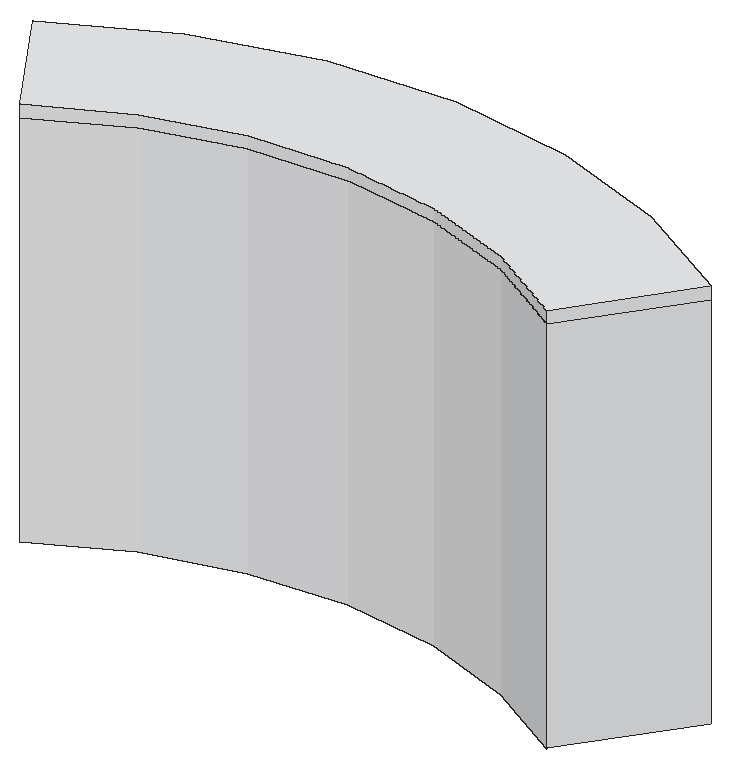
Revit family "Cocoon Media Space Curved High Surface", category Generic Models, Revit 2018
Family settings
  Can host rebar = No
  Round Connector Dimension = Use Diameter
  Part Type = Normal
  Work Plane-Based = No
  Always vertical = Yes
  Cut with Voids When Loaded = No
  Shared = No
  Room Calculation Point = No
Parameters
  Cocoon Surface = Cocoon Media Space Curved Surface
  Cocoon Frame = Cocoon Media Space Curved Frame
Reference planes (in)
  plane 1 "Center (Front/Back)": y = 0
  plane 2: z = 0
  plane 3 "Center (Left/Right)": x = 0
Forms (in)
  Extrusion 1, solid, material "Cocoon Media Space Curved Frame" <- "Cocoon Frame"
    sketch origin (-36.74063, -23.53025, 0) x (0.827039, -0.562145, 0) y (0.562145, 0.827039, 0)
      loop
        line (-4.11044, 20.24674) -> (-13.41069, 23.92806)
        arc (-13.41069, 23.92806) -> (-13.64953, 23.34992) -> (-13.88262, 22.76944) r 62.99629
        line (-13.88262, 22.76944) -> (-0.86511, 17.6173)
        arc (-0.86511, 17.6173) -> (17.15581, 40.11216) -> (44.70625, 48.58245) r 48.99629
        line (44.70625, 48.58245) -> (44.71817, 62.58245)
        arc (44.71817, 62.58245) -> (44.09265, 62.57959) -> (43.46718, 62.57053) r 62.99629
        line (43.46718, 62.57053) -> (43.45911, 52.56809)
        arc (43.45911, 52.56809) -> (28.82223, 50.15033) -> (15.42897, 43.77033) r 52.99629
        line (15.42897, 43.77033) -> (12.62054, 47.90214) -> (11.58674, 47.19946) -> (14.39503, 43.06786)
        arc (14.39503, 43.06786) -> (3.52918, 32.96536) -> (-4.11044, 20.24674) r 52.99629
    from 0 to 39.75
  Extrusion 2, solid, material "Cocoon Media Space Curved Surface" <- "Cocoon Surface"
    sketch origin (-36.74063, -23.53025, 0) x (0.827039, -0.562145, 0) y (0.562145, 0.827039, 0)
      loop
        line (-13.88262, 22.76944) -> (-0.86511, 17.6173)
        arc (-0.86511, 17.6173) -> (17.15581, 40.11216) -> (44.70625, 48.58245) r 48.99629
        line (44.70625, 48.58245) -> (44.71817, 62.58245)
        arc (44.71817, 62.58245) -> (9.29087, 51.69415) -> (-13.88262, 22.76944) r 62.99629
    from 39.75 to 41
Dimensions and locks (in)
  aligned and locked: plane 2 to level
